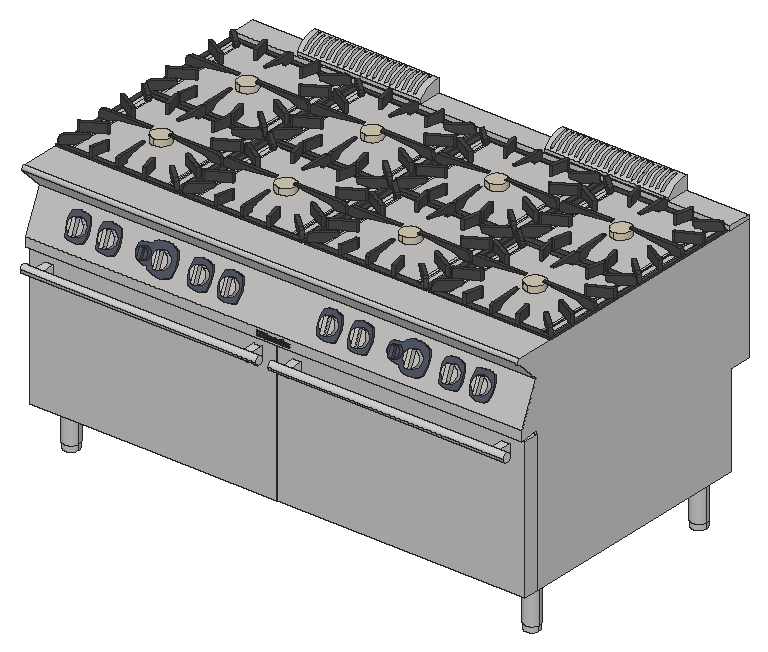
Revit family "QF_ELECTROLUXPROFESSIONAL_391584_E9AAPTBBMKI", category Attrezzature speciali, Revit 2018 (continued)
Automatic sketch dimensions
  curve 14 to plane 19 = 25.2 mm
  curve 106 to plane 13 = 58.15 mm
  curve 106 to plane 19 = 149 mm
  plane 1 "BACK" to curve 27 = 6.761 mm
  curve 106 to curve 27 = 20.698 mm
  curve 27 to curve 28 = 9.296 mm
  curve 25 to curve 72 = 9.397 mm
  curve 70 to curve 70 = 9.296 mm
  curve 69 to curve 67 = 9.397 mm
  curve 66 to curve 66 = 9.296 mm
  curve 65 to curve 63 = 9.397 mm
  curve 62 to curve 61 = 9.296 mm
  curve 61 to curve 58 = 9.397 mm
  curve 59 to curve 57 = 9.296 mm
  curve 57 to curve 55 = 9.397 mm
  curve 55 to curve 53 = 9.296 mm
  curve 53 to curve 50 = 9.397 mm
  curve 51 to curve 49 = 9.296 mm
  curve 49 to curve 47 = 9.397 mm
  curve 47 to curve 45 = 9.296 mm
  curve 45 to curve 43 = 9.397 mm
  curve 43 to curve 41 = 9.296 mm
  curve 41 to curve 39 = 9.397 mm
  curve 35 to curve 33 = 9.296 mm
  curve 33 to curve 31 = 9.397 mm
  curve 31 to curve 29 = 9.296 mm
  curve 29 to curve 103 = 9.397 mm
  curve 102 to curve 101 = 9.296 mm
  curve 101 to curve 98 = 9.397 mm
  curve 99 to curve 97 = 9.296 mm
  curve 97 to curve 95 = 9.397 mm
  curve 94 to curve 93 = 9.296 mm
  curve 93 to curve 90 = 9.397 mm
  curve 91 to curve 89 = 9.296 mm
  curve 89 to curve 86 = 9.397 mm
  curve 87 to curve 88 = 9.296 mm
  curve 85 to curve 83 = 9.397 mm
  curve 83 to curve 81 = 9.296 mm
  curve 81 to curve 79 = 9.397 mm
  curve 79 to curve 80 = 9.296 mm
  curve 77 to curve 75 = 9.397 mm
  curve 75 to curve 76 = 9.296 mm
  curve 73 to curve 105 = 14.847 mm
  plane 11 to curve 23 = 7.049 mm
  curve 23 to plane 17 = 20.2 mm
  plane 17 to curve 20 = 5.2 mm
  plane 11 to curve 21 = 7.049 mm
  plane 3 "LEFT" to curve 21 = 19.875 mm
  curve 8 to plane 3 "LEFT" = 100 mm
  curve 8 to plane 1 "BACK" = 100 mm
  plane 1 "BACK" to curve 200 = 6.761 mm
  plane 1 "BACK" to curve 166 = 6.761 mm
  plane 1 "BACK" to curve 199 = 6.761 mm
  plane 1 "BACK" to curve 168 = 6.761 mm
  plane 1 "BACK" to curve 163 = 6.761 mm
  plane 1 "BACK" to curve 195 = 6.761 mm
  plane 1 "BACK" to curve 159 = 6.761 mm
  plane 1 "BACK" to curve 191 = 6.761 mm
  plane 1 "BACK" to curve 155 = 6.761 mm
  plane 1 "BACK" to curve 187 = 6.761 mm
  plane 1 "BACK" to curve 151 = 6.761 mm
  plane 1 "BACK" to curve 29 = 6.761 mm
  plane 1 "BACK" to curve 147 = 6.761 mm
  plane 1 "BACK" to curve 33 = 6.761 mm
  plane 1 "BACK" to curve 143 = 6.761 mm
  plane 1 "BACK" to curve 37 = 6.761 mm
  plane 1 "BACK" to curve 139 = 6.761 mm
  plane 1 "BACK" to curve 41 = 6.761 mm
  plane 1 "BACK" to curve 135 = 6.761 mm
  plane 1 "BACK" to curve 45 = 6.761 mm
  plane 1 "BACK" to curve 131 = 6.761 mm
  plane 1 "BACK" to curve 49 = 6.761 mm
  plane 1 "BACK" to curve 53 = 6.761 mm
  plane 1 "BACK" to curve 172 = 6.761 mm
  plane 1 "BACK" to curve 57 = 6.761 mm
  plane 1 "BACK" to curve 176 = 6.761 mm
  plane 1 "BACK" to curve 61 = 6.761 mm
  plane 1 "BACK" to curve 180 = 6.761 mm
  plane 1 "BACK" to curve 65 = 6.761 mm
  plane 1 "BACK" to curve 69 = 6.761 mm
  plane 1 "BACK" to curve 104 = 6.761 mm
  plane 1 "BACK" to curve 73 = 6.761 mm
  plane 1 "BACK" to curve 100 = 6.761 mm
  plane 1 "BACK" to curve 77 = 6.761 mm
  plane 1 "BACK" to curve 96 = 6.761 mm
  plane 1 "BACK" to curve 81 = 6.761 mm
  plane 1 "BACK" to curve 92 = 6.761 mm
  plane 1 "BACK" to curve 85 = 6.761 mm
  curve 87 to curve 86 = 57.15 mm
  curve 86 to curve 89 = 0 mm
  curve 83 to curve 85 = 0 mm
  curve 90 to curve 93 = 0 mm
  curve 79 to curve 81 = 0 mm
  curve 94 to curve 97 = 0 mm
  curve 75 to curve 77 = 0 mm
  curve 98 to curve 101 = 0 mm
  curve 71 to curve 106 = 5.939 mm
  curve 186 to curve 185 = 57.15 mm
  curve 67 to curve 69 = 0 mm
  curve 63 to curve 65 = 0 mm
  curve 182 to curve 184 = 0 mm
  curve 59 to curve 61 = 0 mm
  curve 178 to curve 180 = 0 mm
  curve 55 to curve 57 = 0 mm
  curve 174 to curve 176 = 0 mm
  curve 51 to curve 53 = 0 mm
  curve 124 to curve 124 = 57.15 mm
  curve 47 to curve 49 = 0 mm
  curve 128 to curve 128 = 57.15 mm
  curve 43 to curve 45 = 0 mm
  curve 129 to curve 132 = 0 mm
  curve 39 to curve 41 = 0 mm
  curve 133 to curve 136 = 0 mm
  curve 35 to curve 37 = 0 mm
  curve 137 to curve 140 = 0 mm
  curve 31 to curve 33 = 0 mm
  curve 141 to curve 144 = 0 mm
  curve 70 to curve 27 = 0 mm
  curve 145 to curve 148 = 0 mm
  curve 149 to curve 152 = 0 mm
  curve 185 to curve 188 = 0 mm
  curve 153 to curve 156 = 0 mm
  curve 189 to curve 192 = 0 mm
  curve 157 to curve 160 = 0 mm
  curve 193 to curve 196 = 0 mm
  curve 161 to curve 164 = 0 mm
  curve 197 to curve 200 = 0 mm
  curve 165 to curve 168 = 0 mm
  curve 172 to curve 204 = 5.939 mm
  curve 125 to curve 205 = 5.939 mm
  curve 73 to curve 105 = 5.939 mm
  plane 11 to curve 118 = 7.049 mm
  plane 11 to curve 109 = 7.049 mm
  curve 16 to curve 18 = 1.5 mm
  curve 16 to curve 11 = 25.4 mm
  curve 113 to curve 118 = 25.4 mm
  Extrusion 1 sketch curve to plane 10 = 0 mm
  Extrusion 1 sketch curve to plane 9 "Base" = 0 mm
  Extrusion 1 sketch curve to plane 1 "BACK" = 0 mm
  Extrusion 1 sketch curve to plane 13 = 57 mm
  Extrusion 1 sketch curve to plane 14 = 50.222 mm
  Extrusion 1 sketch curve to Extrusion 1 sketch curve = 3.175 mm
  Extrusion 1 sketch curve to Extrusion 1 sketch curve = 0.442 mm
  Extrusion 1 sketch curve to plane 14 = 56.266 mm
  Extrusion 1 sketch curve to plane 11 = 14.167 mm
  Extrusion 1 sketch curve to plane 11 = 8.63 mm
  Extrusion 1 sketch curve to plane 11 = 2.528 mm
  plane 9 "Base" to Extrusion 1 sketch curve = 300 mm
  Extrusion 1 sketch curve to plane 10 = 240.721 mm
  Extrusion 1 sketch curve to Extrusion 1 sketch curve = 1.552 mm
  Extrusion 1 sketch curve to Extrusion 1 sketch curve = 31.298 mm
  Extrusion 1 sketch curve to plane 10 = 84.067 mm
  Extrusion 1 sketch curve to plane 10 = 14.732 mm
  Extrusion 1 to Extrusion 2 sketch curve = 0 mm
  Extrusion 2 sketch curve to Extrusion 1 = 0 mm  (x3)
  Extrusion 1 to Extrusion 2 sketch curve = 9.61 mm
  Extrusion 2 sketch curve to Extrusion 2 sketch curve = 0 mm
  Extrusion 1 to Extrusion 2 sketch curve = 363.774 mm
  Extrusion 1 to Extrusion 2 sketch curve = 378.321 mm
  Extrusion 2 sketch curve to Extrusion 2 sketch curve = 434.226 mm
  Extrusion 2 sketch curve to Extrusion 2 sketch curve = 4 mm
  Extrusion 3 sketch curve to Extrusion 1 = 0 mm  (x2)
  Extrusion 3 sketch curve to Extrusion 1 = 5.2 mm
  Extrusion 1 to Extrusion 3 sketch curve = 14.288 mm
  Extrusion 4 sketch curve to Extrusion 1 = 187.222 mm
  Extrusion 5 sketch curve to plane 9 "Base" = 0 mm
  Extrusion 5 sketch curve to plane 15 = 0 mm
  Extrusion 5 sketch curve to plane 11 = 30 mm
  Extrusion 5 sketch curve to Extrusion 5 sketch curve = 44.603 mm
  plane 11 to Extrusion 6 sketch curve = 0 mm  (x2)
  plane 1 "BACK" to Extrusion 6 sketch curve = 0 mm
  Extrusion 6 sketch curve to plane 3 "LEFT" = 0 mm
  Extrusion 6 sketch curve to plane 4 "RIGHT" = 0 mm
  Extrusion 6 sketch curve to plane 3 "LEFT" = 100 mm
  plane 4 "RIGHT" to Extrusion 6 sketch curve = 100 mm
  plane 11 to Extrusion 7 sketch curve = 22.852 mm
  Extrusion 7 sketch curve to Extrusion 7 sketch curve = 0 mm  (x2)
  Extrusion 7 sketch curve to Extrusion 7 sketch curve = 1.139 mm
  Extrusion 7 sketch curve to Extrusion 7 sketch curve = 3.102 mm
  Extrusion 7 sketch curve to Extrusion 7 sketch curve = 4.032 mm
  Extrusion 7 sketch curve to Extrusion 7 sketch curve = 4.436 mm
  Extrusion 7 sketch curve to Extrusion 7 sketch curve = 5.898 mm
  plane 11 to Extrusion 7 sketch curve = 8.549 mm
  Extrusion 7 sketch curve to plane 11 = 30 mm
  Extrusion 7 sketch curve to plane 10 = 298.908 mm
  Extrusion 7 sketch curve to Extrusion 7 sketch curve = 3.343 mm
  Extrusion 7 sketch curve to Extrusion 7 sketch curve = 2.066 mm
  Extrusion 7 sketch curve to Extrusion 7 sketch curve = 5.312 mm
  Extrusion 7 sketch curve to Extrusion 7 sketch curve = 28.009 mm
  plane 11 to Extrusion 8 sketch curve = 22.852 mm
  Extrusion 8 sketch curve to Extrusion 8 sketch curve = 0 mm  (x2)
  Extrusion 8 sketch curve to Extrusion 8 sketch curve = 1.139 mm
  Extrusion 8 sketch curve to Extrusion 8 sketch curve = 3.102 mm
  Extrusion 8 sketch curve to Extrusion 8 sketch curve = 4.032 mm
  Extrusion 8 sketch curve to Extrusion 8 sketch curve = 4.436 mm
  Extrusion 8 sketch curve to Extrusion 8 sketch curve = 5.898 mm
  plane 11 to Extrusion 8 sketch curve = 8.549 mm
  Extrusion 8 sketch curve to plane 11 = 30 mm
  Extrusion 8 sketch curve to plane 10 = 270.899 mm
  Extrusion 8 sketch curve to Extrusion 8 sketch curve = 2.705 mm
  Extrusion 8 sketch curve to Extrusion 8 sketch curve = 5.987 mm
  Extrusion 8 sketch curve to Extrusion 8 sketch curve = 5.313 mm
  Extrusion 8 sketch curve to Extrusion 8 sketch curve = 28.009 mm
  plane 11 to Extrusion 9 sketch curve = 19.749 mm
  Extrusion 9 sketch curve to plane 10 = 279.591 mm
  Extrusion 10 sketch curve to Extrusion 10 sketch curve = 0 mm
  Extrusion 10 sketch curve to Extrusion 10 sketch curve = 12.3 mm  (x3)
  Extrusion 10 sketch curve to Extrusion 10 sketch curve = 34.925 mm  (x2)
  Extrusion 10 sketch curve to Extrusion 10 sketch curve = 46.691 mm
  Extrusion 10 sketch curve to Extrusion 10 sketch curve = 0.617 mm
  Extrusion 10 sketch curve to Extrusion 10 sketch curve = 28.57 mm
  Extrusion 10 sketch curve to Extrusion 10 sketch curve = 29.185 mm
  Extrusion 12 sketch curve to Extrusion 12 sketch curve = 24.732 mm
  Extrusion 12 sketch curve to Extrusion 12 sketch curve = 0 mm
  Extrusion 13 sketch curve to Extrusion 13 sketch curve = 0 mm  (x4)
  Extrusion 13 sketch curve to Extrusion 13 sketch curve = 112.63 mm
  Extrusion 13 sketch curve to Extrusion 13 sketch curve = 1.398 mm
  Extrusion 13 sketch curve to Extrusion 13 sketch curve = 5.918 mm
  Extrusion 13 sketch curve to Extrusion 13 sketch curve = 7.825 mm
  Extrusion 13 sketch curve to Extrusion 13 sketch curve = 12.433 mm
  Extrusion 13 sketch curve to Extrusion 13 sketch curve = 33.329 mm
  Extrusion 13 sketch curve to Extrusion 13 sketch curve = 28.808 mm
  Extrusion 13 sketch curve to Extrusion 13 sketch curve = 2.986 mm
  Extrusion 13 sketch curve to Extrusion 13 sketch curve = 35.441 mm
  Extrusion 13 sketch curve to Extrusion 13 sketch curve = 23.969 mm
  Extrusion 13 sketch curve to Extrusion 13 sketch curve = 31.993 mm
  Extrusion 13 sketch curve to Extrusion 13 sketch curve = 0.131 mm
  Extrusion 13 sketch curve to Extrusion 13 sketch curve = 36.738 mm
  Extrusion 13 sketch curve to Extrusion 13 sketch curve = 6.105 mm
  Extrusion 13 sketch curve to Extrusion 13 sketch curve = 0.002 mm
  Extrusion 13 sketch curve to Extrusion 13 sketch curve = 38.412 mm
  Extrusion 13 sketch curve to Extrusion 13 sketch curve = 11.842 mm
  Extrusion 15 sketch curve to Extrusion 15 sketch curve = 24.732 mm
  Extrusion 15 sketch curve to Extrusion 15 sketch curve = 0 mm
  Extrusion 17 sketch curve to Extrusion 17 sketch curve = 0 mm
  Extrusion 17 sketch curve to Extrusion 17 sketch curve = 7.232 mm  (x3)
  Extrusion 17 sketch curve to Extrusion 17 sketch curve = 17.5 mm
  Extrusion 17 sketch curve to Extrusion 17 sketch curve = 5.786 mm
  Extrusion 18 sketch curve to plane 19 = 138.904 mm
  Extrusion 18 sketch curve to Extrusion 18 sketch curve = 0 mm
  Extrusion 18 sketch curve to Extrusion 18 sketch curve = 12.3 mm  (x3)
  Extrusion 18 sketch curve to Extrusion 18 sketch curve = 34.925 mm  (x2)
  Extrusion 18 sketch curve to Extrusion 18 sketch curve = 46.691 mm
  Extrusion 18 sketch curve to Extrusion 18 sketch curve = 0.617 mm
  Extrusion 18 sketch curve to Extrusion 18 sketch curve = 28.57 mm
  Extrusion 18 sketch curve to Extrusion 18 sketch curve = 29.185 mm
  Extrusion 20 sketch curve to Extrusion 20 sketch curve = 24.732 mm
  Extrusion 20 sketch curve to Extrusion 20 sketch curve = 0 mm
  Extrusion 21 sketch curve to plane 17 = 61.596 mm
  Extrusion 21 sketch curve to Extrusion 21 sketch curve = 0 mm
  Extrusion 21 sketch curve to Extrusion 21 sketch curve = 12.3 mm  (x3)
  Extrusion 21 sketch curve to Extrusion 21 sketch curve = 34.925 mm  (x2)
  Extrusion 21 sketch curve to plane 17 = 35.869 mm
  Extrusion 21 sketch curve to Extrusion 21 sketch curve = 46.691 mm
  Extrusion 21 sketch curve to Extrusion 21 sketch curve = 26.344 mm
  Extrusion 21 sketch curve to Extrusion 21 sketch curve = 28.57 mm
  Extrusion 23 sketch curve to Extrusion 23 sketch curve = 24.732 mm
  Extrusion 23 sketch curve to Extrusion 23 sketch curve = 0 mm
  Extrusion 24 sketch curve to plane 17 = 161.596 mm
  Extrusion 24 sketch curve to Extrusion 24 sketch curve = 0 mm
  Extrusion 24 sketch curve to Extrusion 24 sketch curve = 12.3 mm  (x3)
  Extrusion 24 sketch curve to Extrusion 24 sketch curve = 34.925 mm  (x2)
  Extrusion 24 sketch curve to Extrusion 24 sketch curve = 46.691 mm
  Extrusion 24 sketch curve to Extrusion 24 sketch curve = 0.617 mm
  Extrusion 24 sketch curve to Extrusion 24 sketch curve = 28.57 mm
  Extrusion 24 sketch curve to Extrusion 24 sketch curve = 29.185 mm
  Extrusion 26 sketch curve to Extrusion 26 sketch curve = 24.732 mm
  Extrusion 26 sketch curve to Extrusion 26 sketch curve = 0 mm
  Extrusion 27 sketch curve to Extrusion 1 = 43 mm
  Extrusion 27 sketch curve to Extrusion 1 = 276.222 mm
  Revolve 28 sketch curve to plane 9 "Base" = 0 mm  (x2)
  Revolve 28 sketch curve to level = 0 mm
  plane 17 to Revolve 28 sketch curve = 0 mm  (x2)
  plane 17 to Revolve 28 sketch curve = 22.9 mm
  Revolve 28 sketch curve to Revolve 28 sketch curve = 2.5 mm
  level to Revolve 28 sketch curve = 19.05 mm
  plane 9 "Base" to Revolve 28 sketch curve = 20 mm
  Revolve 29 sketch curve to plane 9 "Base" = 0 mm  (x2)
  Revolve 29 sketch curve to level = 0 mm
  plane 17 to Revolve 29 sketch curve = 0 mm  (x2)
  plane 17 to Revolve 29 sketch curve = 22.9 mm
  Revolve 29 sketch curve to Revolve 29 sketch curve = 2.5 mm
  level to Revolve 29 sketch curve = 19.05 mm
  plane 9 "Base" to Revolve 29 sketch curve = 20 mm
  Extrusion 30 sketch curve to plane 1 "BACK" = 0 mm
  Extrusion 30 sketch curve to plane 6 "TOP" = 0 mm
  plane 1 "BACK" to Extrusion 30 sketch curve = 1.769 mm
  plane 10 to Extrusion 30 sketch curve = 23.813 mm
  plane 1 "BACK" to Extrusion 30 sketch curve = 69.85 mm
  plane 10 to Extrusion 30 sketch curve = 14.288 mm
  plane 1 "BACK" to Extrusion 31 sketch curve = 63.911 mm  (x2)
  Extrusion 31 sketch curve to plane 17 = 158.847 mm
  Extrusion 31 sketch curve to Extrusion 31 sketch curve = 9.296 mm  (x20)
  Extrusion 31 sketch curve to Extrusion 31 sketch curve = 9.397 mm  (x19)
  Extrusion 31 sketch curve to Extrusion 31 sketch curve = 0 mm  (x18)
  plane 1 "BACK" to Extrusion 31 sketch curve = 6.761 mm  (x20)
  plane 11 to Extrusion 32 sketch curve = 22.852 mm
  Extrusion 32 sketch curve to Extrusion 32 sketch curve = 0 mm  (x2)
  Extrusion 32 sketch curve to Extrusion 32 sketch curve = 1.139 mm
  Extrusion 32 sketch curve to Extrusion 32 sketch curve = 3.102 mm
  Extrusion 32 sketch curve to Extrusion 32 sketch curve = 4.032 mm
  Extrusion 32 sketch curve to Extrusion 32 sketch curve = 4.436 mm
  Extrusion 32 sketch curve to Extrusion 32 sketch curve = 5.898 mm
  plane 11 to Extrusion 32 sketch curve = 8.549 mm
  Extrusion 32 sketch curve to plane 11 = 30 mm
  Extrusion 32 sketch curve to plane 10 = 270.899 mm
  Extrusion 32 sketch curve to Extrusion 32 sketch curve = 2.705 mm
  Extrusion 32 sketch curve to Extrusion 32 sketch curve = 5.987 mm
  Extrusion 32 sketch curve to Extrusion 32 sketch curve = 5.312 mm
  Extrusion 32 sketch curve to Extrusion 32 sketch curve = 28.009 mm
  plane 11 to Extrusion 33 sketch curve = 22.852 mm
  Extrusion 33 sketch curve to Extrusion 33 sketch curve = 0 mm  (x2)
  Extrusion 33 sketch curve to Extrusion 33 sketch curve = 1.139 mm
  Extrusion 33 sketch curve to Extrusion 33 sketch curve = 3.102 mm
  Extrusion 33 sketch curve to Extrusion 33 sketch curve = 4.032 mm
  Extrusion 33 sketch curve to Extrusion 33 sketch curve = 4.436 mm
  Extrusion 33 sketch curve to Extrusion 33 sketch curve = 5.898 mm
  plane 11 to Extrusion 33 sketch curve = 8.549 mm
  Extrusion 33 sketch curve to plane 11 = 30 mm
  Extrusion 33 sketch curve to plane 10 = 298.908 mm
  Extrusion 33 sketch curve to Extrusion 33 sketch curve = 3.343 mm
  Extrusion 33 sketch curve to Extrusion 33 sketch curve = 2.066 mm
  Extrusion 33 sketch curve to Extrusion 33 sketch curve = 5.313 mm
  Extrusion 33 sketch curve to Extrusion 33 sketch curve = 28.009 mm
  plane 11 to Extrusion 34 sketch curve = 19.749 mm
  Extrusion 34 sketch curve to plane 10 = 279.591 mm
  Revolve 35 sketch curve to plane 9 "Base" = 0 mm  (x2)
  Revolve 35 sketch curve to level = 0 mm
  Revolve 35 sketch curve to plane 18 = 0 mm  (x2)
  plane 18 to Revolve 35 sketch curve = 22.9 mm
  Revolve 35 sketch curve to Revolve 35 sketch curve = 2.5 mm
  plane 9 "Base" to Revolve 35 sketch curve = 20 mm
  level to Revolve 35 sketch curve = 19.05 mm
  Revolve 36 sketch curve to plane 9 "Base" = 0 mm  (x2)
  Revolve 36 sketch curve to level = 0 mm
  Revolve 36 sketch curve to plane 18 = 0 mm  (x2)
  plane 18 to Revolve 36 sketch curve = 22.9 mm
  Revolve 36 sketch curve to Revolve 36 sketch curve = 2.5 mm
  plane 9 "Base" to Revolve 36 sketch curve = 20 mm
  level to Revolve 36 sketch curve = 19.05 mm
  Extrusion 37 sketch curve to Extrusion 37 sketch curve = 0 mm
  Extrusion 37 sketch curve to Extrusion 37 sketch curve = 12.3 mm  (x3)
  Extrusion 37 sketch curve to Extrusion 37 sketch curve = 34.925 mm  (x2)
  Extrusion 37 sketch curve to Extrusion 37 sketch curve = 46.691 mm
  Extrusion 37 sketch curve to Extrusion 37 sketch curve = 0.617 mm
  Extrusion 37 sketch curve to Extrusion 37 sketch curve = 28.57 mm
  Extrusion 37 sketch curve to Extrusion 37 sketch curve = 29.185 mm
  Extrusion 39 sketch curve to Extrusion 39 sketch curve = 24.732 mm
  Extrusion 39 sketch curve to Extrusion 39 sketch curve = 0 mm
  Extrusion 40 sketch curve to Extrusion 40 sketch curve = 0 mm  (x4)
  Extrusion 40 sketch curve to Extrusion 40 sketch curve = 112.63 mm
  Extrusion 40 sketch curve to Extrusion 40 sketch curve = 1.398 mm
  Extrusion 40 sketch curve to Extrusion 40 sketch curve = 5.918 mm
  Extrusion 40 sketch curve to Extrusion 40 sketch curve = 7.825 mm
  Extrusion 40 sketch curve to Extrusion 40 sketch curve = 12.433 mm
  Extrusion 40 sketch curve to Extrusion 40 sketch curve = 33.329 mm
  Extrusion 40 sketch curve to Extrusion 40 sketch curve = 28.808 mm
  Extrusion 40 sketch curve to Extrusion 40 sketch curve = 2.986 mm
  Extrusion 40 sketch curve to Extrusion 40 sketch curve = 35.441 mm
  Extrusion 40 sketch curve to Extrusion 40 sketch curve = 23.969 mm
  Extrusion 40 sketch curve to Extrusion 40 sketch curve = 31.993 mm
  Extrusion 40 sketch curve to Extrusion 40 sketch curve = 0.131 mm
  Extrusion 40 sketch curve to Extrusion 40 sketch curve = 36.738 mm
  Extrusion 40 sketch curve to Extrusion 40 sketch curve = 6.105 mm
  Extrusion 40 sketch curve to Extrusion 40 sketch curve = 6.427 mm
  Extrusion 40 sketch curve to Extrusion 40 sketch curve = 11.842 mm
  Extrusion 42 sketch curve to Extrusion 42 sketch curve = 24.732 mm
  Extrusion 42 sketch curve to Extrusion 42 sketch curve = 0 mm
  Extrusion 44 sketch curve to Extrusion 44 sketch curve = 0 mm
  Extrusion 44 sketch curve to Extrusion 44 sketch curve = 7.232 mm  (x3)
  Extrusion 44 sketch curve to Extrusion 44 sketch curve = 17.5 mm
  Extrusion 44 sketch curve to Extrusion 44 sketch curve = 5.786 mm
  Extrusion 45 sketch curve to plane 18 = 121.317 mm
  Extrusion 45 sketch curve to Extrusion 45 sketch curve = 0 mm
  Extrusion 45 sketch curve to Extrusion 45 sketch curve = 12.3 mm  (x3)
  Extrusion 45 sketch curve to Extrusion 45 sketch curve = 34.925 mm  (x2)
  Extrusion 45 sketch curve to Extrusion 45 sketch curve = 46.691 mm
  Extrusion 45 sketch curve to Extrusion 45 sketch curve = 0.617 mm
  Extrusion 45 sketch curve to Extrusion 45 sketch curve = 28.57 mm
  Extrusion 45 sketch curve to Extrusion 45 sketch curve = 29.185 mm
  Extrusion 47 sketch curve to Extrusion 47 sketch curve = 24.732 mm
  Extrusion 47 sketch curve to Extrusion 47 sketch curve = 0 mm
  plane 7 "Center Y" to Extrusion 48 sketch curve = 130.183 mm
  Extrusion 48 sketch curve to Extrusion 48 sketch curve = 0 mm
  Extrusion 48 sketch curve to Extrusion 48 sketch curve = 12.3 mm  (x3)
  Extrusion 48 sketch curve to Extrusion 48 sketch curve = 34.925 mm  (x2)
  Extrusion 48 sketch curve to Extrusion 48 sketch curve = 46.691 mm
  Extrusion 48 sketch curve to Extrusion 48 sketch curve = 0.617 mm
  Extrusion 48 sketch curve to Extrusion 48 sketch curve = 28.57 mm
  Extrusion 48 sketch curve to Extrusion 48 sketch curve = 29.185 mm
  Extrusion 50 sketch curve to Extrusion 50 sketch curve = 24.732 mm
  Extrusion 50 sketch curve to Extrusion 50 sketch curve = 0 mm
  Extrusion 51 sketch curve to Extrusion 51 sketch curve = 0 mm
  Extrusion 51 sketch curve to Extrusion 51 sketch curve = 12.3 mm  (x3)
  Extrusion 51 sketch curve to Extrusion 51 sketch curve = 34.925 mm  (x2)
  Extrusion 51 sketch curve to Extrusion 51 sketch curve = 46.691 mm
  Extrusion 51 sketch curve to Extrusion 51 sketch curve = 0.617 mm
  Extrusion 51 sketch curve to Extrusion 51 sketch curve = 28.57 mm
  Extrusion 51 sketch curve to Extrusion 51 sketch curve = 29.185 mm
  Extrusion 53 sketch curve to Extrusion 53 sketch curve = 24.732 mm
  Extrusion 53 sketch curve to Extrusion 53 sketch curve = 0 mm
  Extrusion 54 sketch curve to plane 9 "Base" = 0 mm
  Extrusion 54 sketch curve to plane 15 = 0 mm
  Extrusion 54 sketch curve to plane 11 = 30 mm
  Extrusion 54 sketch curve to Extrusion 54 sketch curve = 44.603 mm
  Extrusion 55 sketch curve to Extrusion 1 = 3.655 mm
  Extrusion 55 sketch curve to Extrusion 1 = 8.695 mm
  Extrusion 55 sketch curve to Extrusion 1 = 8.715 mm  (x2)
  Extrusion 55 sketch curve to Extrusion 55 sketch curve = 5.108 mm  (x2)
  Extrusion 55 sketch curve to Extrusion 55 sketch curve = 0 mm  (x27)
  Extrusion 55 sketch curve to Extrusion 1 = 8.816 mm
  Extrusion 55 sketch curve to Extrusion 55 sketch curve = 0.218 mm
  Extrusion 55 sketch curve to Extrusion 55 sketch curve = 0.195 mm
  Extrusion 55 sketch curve to Extrusion 55 sketch curve = 0.249 mm
  Extrusion 55 sketch curve to Extrusion 1 = 9.012 mm
  Extrusion 55 sketch curve to Extrusion 55 sketch curve = 0.087 mm
  Extrusion 55 sketch curve to Extrusion 55 sketch curve = 0.358 mm
  Extrusion 55 sketch curve to Extrusion 55 sketch curve = 0.481 mm
  Extrusion 55 sketch curve to Extrusion 55 sketch curve = 0.597 mm
  Extrusion 55 sketch curve to Extrusion 55 sketch curve = 0.544 mm
  Extrusion 55 sketch curve to Extrusion 55 sketch curve = 0.936 mm
  Extrusion 55 sketch curve to Extrusion 55 sketch curve = 0.594 mm
  Extrusion 55 sketch curve to Extrusion 55 sketch curve = 0.343 mm
  Extrusion 55 sketch curve to Extrusion 55 sketch curve = 0.159 mm
  Extrusion 55 sketch curve to Extrusion 55 sketch curve = 0.826 mm
  Extrusion 55 sketch curve to Extrusion 55 sketch curve = 0.839 mm
  Extrusion 55 sketch curve to Extrusion 55 sketch curve = 0.852 mm
  Extrusion 55 sketch curve to Extrusion 55 sketch curve = 0.887 mm
  Extrusion 55 sketch curve to Extrusion 55 sketch curve = 0.928 mm
  Extrusion 55 sketch curve to Extrusion 55 sketch curve = 0.938 mm
  Extrusion 55 sketch curve to Extrusion 55 sketch curve = 0.444 mm
  Extrusion 55 sketch curve to Extrusion 55 sketch curve = 1.11 mm  (x3)
  Extrusion 55 sketch curve to Extrusion 55 sketch curve = 0.215 mm
  Extrusion 55 sketch curve to Extrusion 55 sketch curve = 1.43 mm
  Extrusion 55 sketch curve to Extrusion 55 sketch curve = 1.188 mm
  Extrusion 55 sketch curve to Extrusion 55 sketch curve = 1.21 mm  (x2)
  Extrusion 55 sketch curve to Extrusion 55 sketch curve = 0.503 mm
  Extrusion 55 sketch curve to Extrusion 55 sketch curve = 0.488 mm
  Extrusion 55 sketch curve to Extrusion 55 sketch curve = 0.462 mm
  Extrusion 55 sketch curve to Extrusion 55 sketch curve = 1.386 mm
  Extrusion 55 sketch curve to Extrusion 55 sketch curve = 1.742 mm  (x2)
  Extrusion 55 sketch curve to Extrusion 55 sketch curve = 0.821 mm
  Extrusion 55 sketch curve to Extrusion 55 sketch curve = 0.497 mm
  Extrusion 55 sketch curve to Extrusion 55 sketch curve = 0.539 mm
  Extrusion 55 sketch curve to Extrusion 55 sketch curve = 0.686 mm
  Extrusion 55 sketch curve to Extrusion 55 sketch curve = 0.408 mm
  Extrusion 55 sketch curve to Extrusion 55 sketch curve = 0.743 mm
  Extrusion 55 sketch curve to Extrusion 55 sketch curve = 1.16 mm
  Extrusion 55 sketch curve to Extrusion 55 sketch curve = 0.329 mm
  Extrusion 55 sketch curve to Extrusion 55 sketch curve = 1.054 mm
  Extrusion 55 sketch curve to Extrusion 55 sketch curve = 1.056 mm
  Extrusion 55 sketch curve to Extrusion 55 sketch curve = 0.129 mm
  Extrusion 55 sketch curve to Extrusion 55 sketch curve = 0.489 mm
  Extrusion 55 sketch curve to Extrusion 55 sketch curve = 0.441 mm
  Extrusion 55 sketch curve to Extrusion 55 sketch curve = 1.151 mm
  Extrusion 55 sketch curve to Extrusion 55 sketch curve = 1.141 mm  (x2)
  Extrusion 55 sketch curve to Extrusion 55 sketch curve = 0.768 mm
  Extrusion 55 sketch curve to Extrusion 55 sketch curve = 1.653 mm
  Extrusion 55 sketch curve to Extrusion 55 sketch curve = 0.499 mm
  Extrusion 55 sketch curve to Extrusion 55 sketch curve = 0.964 mm
  Extrusion 55 sketch curve to Extrusion 55 sketch curve = 0.949 mm
  Extrusion 55 sketch curve to Extrusion 55 sketch curve = 1.345 mm  (x3)
  Extrusion 55 sketch curve to Extrusion 55 sketch curve = 1.101 mm
  Extrusion 55 sketch curve to Extrusion 55 sketch curve = 0.432 mm
  Extrusion 55 sketch curve to Extrusion 55 sketch curve = 1.142 mm
  Extrusion 55 sketch curve to Extrusion 55 sketch curve = 0.959 mm
  Extrusion 55 sketch curve to Extrusion 55 sketch curve = 0.176 mm
  Extrusion 55 sketch curve to Extrusion 55 sketch curve = 0.728 mm
  Extrusion 55 sketch curve to Extrusion 55 sketch curve = 3.375 mm  (x2)
  Extrusion 55 sketch curve to Extrusion 55 sketch curve = 0.541 mm
  Extrusion 55 sketch curve to Extrusion 55 sketch curve = 0.955 mm
  Extrusion 55 sketch curve to Extrusion 55 sketch curve = 1.251 mm
  Extrusion 55 sketch curve to Extrusion 55 sketch curve = 0.572 mm
  Extrusion 55 sketch curve to Extrusion 55 sketch curve = 1.92 mm
  Extrusion 55 sketch curve to Extrusion 55 sketch curve = 1.224 mm
  Extrusion 55 sketch curve to Extrusion 55 sketch curve = 0.745 mm
  Extrusion 55 sketch curve to Extrusion 55 sketch curve = 2.537 mm
  Extrusion 55 sketch curve to Extrusion 55 sketch curve = 0.896 mm  (x3)
  Extrusion 55 sketch curve to Extrusion 55 sketch curve = 0.036 mm
  Extrusion 55 sketch curve to Extrusion 55 sketch curve = 2.607 mm
  Extrusion 55 sketch curve to Extrusion 55 sketch curve = 0.066 mm
  Extrusion 55 sketch curve to Extrusion 55 sketch curve = 0.248 mm
  Extrusion 55 sketch curve to Extrusion 55 sketch curve = 0.449 mm
  Extrusion 55 sketch curve to Extrusion 55 sketch curve = 1.052 mm
  Extrusion 55 sketch curve to Extrusion 55 sketch curve = 1.863 mm
  Extrusion 55 sketch curve to Extrusion 55 sketch curve = 1.31 mm  (x2)
  Extrusion 55 sketch curve to Extrusion 55 sketch curve = 0.901 mm
  Extrusion 55 sketch curve to Extrusion 55 sketch curve = 1.107 mm
  Extrusion 55 sketch curve to Extrusion 55 sketch curve = 2.122 mm
  Extrusion 55 sketch curve to Extrusion 55 sketch curve = 2.101 mm
  Extrusion 55 sketch curve to Extrusion 55 sketch curve = 0.106 mm
  Extrusion 55 sketch curve to Extrusion 55 sketch curve = 0.029 mm
  Extrusion 55 sketch curve to Extrusion 55 sketch curve = 2.09 mm
  Extrusion 55 sketch curve to Extrusion 55 sketch curve = 1.279 mm
  Extrusion 55 sketch curve to Extrusion 55 sketch curve = 2.008 mm
  Extrusion 55 sketch curve to Extrusion 55 sketch curve = 0.738 mm
  Extrusion 55 sketch curve to Extrusion 55 sketch curve = 0.382 mm
  Extrusion 55 sketch curve to Extrusion 55 sketch curve = 0.384 mm
  Extrusion 55 sketch curve to Extrusion 55 sketch curve = 0.002 mm
  Extrusion 55 sketch curve to Extrusion 55 sketch curve = 0.561 mm
  Extrusion 55 sketch curve to Extrusion 55 sketch curve = 0.592 mm
  Extrusion 55 sketch curve to Extrusion 55 sketch curve = 2.692 mm
  Extrusion 55 sketch curve to Extrusion 55 sketch curve = 1.259 mm
  Extrusion 55 sketch curve to Extrusion 55 sketch curve = 0.802 mm
  Extrusion 55 sketch curve to Extrusion 55 sketch curve = 1.024 mm
  Extrusion 55 sketch curve to Extrusion 55 sketch curve = 0.682 mm
  Extrusion 55 sketch curve to Extrusion 55 sketch curve = 5.934 mm
  Extrusion 55 sketch curve to Extrusion 55 sketch curve = 2.186 mm
  Extrusion 55 sketch curve to Extrusion 55 sketch curve = 0.337 mm
  Extrusion 55 sketch curve to Extrusion 55 sketch curve = 0.021 mm
  Extrusion 55 sketch curve to Extrusion 55 sketch curve = 1.005 mm
  Extrusion 55 sketch curve to Extrusion 55 sketch curve = 0.552 mm
  Extrusion 55 sketch curve to Extrusion 55 sketch curve = 0.778 mm
  Extrusion 55 sketch curve to Extrusion 55 sketch curve = 0.063 mm
  Extrusion 55 sketch curve to Extrusion 55 sketch curve = 1.023 mm
  Extrusion 55 sketch curve to Extrusion 55 sketch curve = 3.804 mm
  Extrusion 55 sketch curve to Extrusion 55 sketch curve = 0.486 mm
  Extrusion 55 sketch curve to Extrusion 55 sketch curve = 0.266 mm
  Extrusion 55 sketch curve to Extrusion 55 sketch curve = 1.547 mm
  Extrusion 55 sketch curve to Extrusion 55 sketch curve = 0.717 mm  (x2)
  Extrusion 55 sketch curve to Extrusion 55 sketch curve = 1.667 mm
  Extrusion 55 sketch curve to Extrusion 55 sketch curve = 3.174 mm
  Extrusion 55 sketch curve to Extrusion 55 sketch curve = 0.388 mm
  Extrusion 55 sketch curve to Extrusion 55 sketch curve = 1.342 mm
  Extrusion 55 sketch curve to Extrusion 55 sketch curve = 1.521 mm
  Extrusion 55 sketch curve to Extrusion 55 sketch curve = 0.124 mm
  Extrusion 55 sketch curve to Extrusion 55 sketch curve = 0.291 mm
  Extrusion 55 sketch curve to Extrusion 55 sketch curve = 1.049 mm  (x2)
  Extrusion 55 sketch curve to Extrusion 55 sketch curve = 1.7 mm
  Extrusion 55 sketch curve to Extrusion 55 sketch curve = 0.894 mm
  Extrusion 55 sketch curve to Extrusion 55 sketch curve = 0.989 mm
  Extrusion 55 sketch curve to Extrusion 55 sketch curve = 1.168 mm
  Extrusion 55 sketch curve to Extrusion 55 sketch curve = 1.594 mm
  Extrusion 55 sketch curve to Extrusion 55 sketch curve = 0.731 mm
  Extrusion 55 sketch curve to Extrusion 55 sketch curve = 1.566 mm
  Extrusion 55 sketch curve to Extrusion 55 sketch curve = 0.064 mm
  Extrusion 55 sketch curve to Extrusion 55 sketch curve = 0.556 mm  (x2)
  Extrusion 55 sketch curve to Extrusion 55 sketch curve = 0.48 mm
  Extrusion 55 sketch curve to Extrusion 55 sketch curve = 0.228 mm
  Extrusion 55 sketch curve to Extrusion 55 sketch curve = 1.018 mm
  Extrusion 55 sketch curve to Extrusion 55 sketch curve = 0.787 mm
  Extrusion 55 sketch curve to Extrusion 55 sketch curve = 0.618 mm
  Extrusion 55 sketch curve to Extrusion 55 sketch curve = 1.672 mm
  Extrusion 55 sketch curve to Extrusion 55 sketch curve = 1.361 mm
  Extrusion 55 sketch curve to Extrusion 55 sketch curve = 0.822 mm
  Extrusion 55 sketch curve to Extrusion 55 sketch curve = 0.069 mm
  Extrusion 55 sketch curve to Extrusion 55 sketch curve = 1.88 mm
  Extrusion 55 sketch curve to Extrusion 55 sketch curve = 0.42 mm
  Extrusion 55 sketch curve to Extrusion 55 sketch curve = 0.062 mm
  Extrusion 55 sketch curve to Extrusion 55 sketch curve = 1.355 mm
  Extrusion 55 sketch curve to Extrusion 55 sketch curve = 2.34 mm
  Extrusion 55 sketch curve to Extrusion 55 sketch curve = 0.493 mm
  Extrusion 55 sketch curve to Extrusion 55 sketch curve = 0.136 mm
  Extrusion 55 sketch curve to Extrusion 55 sketch curve = 0.128 mm
  Extrusion 55 sketch curve to Extrusion 55 sketch curve = 3.616 mm
  Extrusion 55 sketch curve to Extrusion 55 sketch curve = 4.207 mm
  Extrusion 55 sketch curve to Extrusion 55 sketch curve = 0.183 mm
  Extrusion 55 sketch curve to Extrusion 55 sketch curve = 0.895 mm
  Extrusion 55 sketch curve to Extrusion 55 sketch curve = 1.314 mm
  Extrusion 55 sketch curve to Extrusion 55 sketch curve = 3.231 mm
  Extrusion 55 sketch curve to Extrusion 55 sketch curve = 1.299 mm
  Extrusion 55 sketch curve to Extrusion 55 sketch curve = 1.214 mm
  Extrusion 55 sketch curve to Extrusion 55 sketch curve = 1.264 mm
  Extrusion 55 sketch curve to Extrusion 55 sketch curve = 0.109 mm
  Extrusion 55 sketch curve to Extrusion 55 sketch curve = 0.357 mm
  Extrusion 55 sketch curve to Extrusion 55 sketch curve = 0.565 mm
  Extrusion 55 sketch curve to Extrusion 55 sketch curve = 2.504 mm
  Extrusion 55 sketch curve to Extrusion 55 sketch curve = 2.459 mm
  Extrusion 1 to Extrusion 55 sketch curve = 747.488 mm
  Extrusion 55 sketch curve to Extrusion 55 sketch curve = 0.208 mm
  Extrusion 55 sketch curve to Extrusion 55 sketch curve = 0.468 mm  (x2)
  Extrusion 55 sketch curve to Extrusion 55 sketch curve = 1.559 mm
  Extrusion 55 sketch curve to Extrusion 55 sketch curve = 0.422 mm  (x2)
  Extrusion 55 sketch curve to Extrusion 55 sketch curve = 0.494 mm
  Extrusion 55 sketch curve to Extrusion 55 sketch curve = 3.927 mm
  Extrusion 55 sketch curve to Extrusion 55 sketch curve = 0.782 mm
  Extrusion 55 sketch curve to Extrusion 55 sketch curve = 1.268 mm
  Extrusion 55 sketch curve to Extrusion 55 sketch curve = 0.671 mm
  Extrusion 55 sketch curve to Extrusion 55 sketch curve = 0.777 mm
  Extrusion 55 sketch curve to Extrusion 55 sketch curve = 0.704 mm
  Extrusion 55 sketch curve to Extrusion 55 sketch curve = 0.781 mm  (x2)
  Extrusion 55 sketch curve to Extrusion 55 sketch curve = 1.634 mm
  Extrusion 55 sketch curve to Extrusion 55 sketch curve = 0.132 mm
  Extrusion 55 sketch curve to Extrusion 55 sketch curve = 3.136 mm
  Extrusion 55 sketch curve to Extrusion 55 sketch curve = 2.422 mm
  Extrusion 55 sketch curve to Extrusion 55 sketch curve = 0.586 mm
  Extrusion 55 sketch curve to Extrusion 55 sketch curve = 2.046 mm  (x2)
  Extrusion 55 sketch curve to Extrusion 55 sketch curve = 1.241 mm
  Extrusion 55 sketch curve to Extrusion 55 sketch curve = 1.689 mm
  Extrusion 55 sketch curve to Extrusion 55 sketch curve = 2.859 mm
  Extrusion 55 sketch curve to Extrusion 55 sketch curve = 0.627 mm
  Extrusion 55 sketch curve to Extrusion 55 sketch curve = 0.863 mm
  Extrusion 55 sketch curve to Extrusion 55 sketch curve = 0.419 mm
  Extrusion 55 sketch curve to Extrusion 55 sketch curve = 1.514 mm
  Extrusion 55 sketch curve to Extrusion 55 sketch curve = 1.019 mm
  Extrusion 55 sketch curve to Extrusion 55 sketch curve = 0.065 mm
  Extrusion 55 sketch curve to Extrusion 55 sketch curve = 1.215 mm
  Extrusion 55 sketch curve to Extrusion 55 sketch curve = 2.708 mm
  Extrusion 55 sketch curve to Extrusion 55 sketch curve = 1.122 mm
  Extrusion 55 sketch curve to Extrusion 55 sketch curve = 1.153 mm
  Extrusion 55 sketch curve to Extrusion 55 sketch curve = 3.009 mm
  Extrusion 55 sketch curve to Extrusion 55 sketch curve = 0.829 mm  (x2)
  Extrusion 55 sketch curve to Extrusion 55 sketch curve = 0.934 mm
  Extrusion 55 sketch curve to Extrusion 55 sketch curve = 3.376 mm
  Extrusion 55 sketch curve to Extrusion 55 sketch curve = 0.222 mm
  Extrusion 55 sketch curve to Extrusion 55 sketch curve = 1.383 mm
  Extrusion 55 sketch curve to Extrusion 55 sketch curve = 1.556 mm
  Extrusion 55 sketch curve to Extrusion 55 sketch curve = 2.559 mm
  Extrusion 55 sketch curve to Extrusion 55 sketch curve = 2.51 mm
  Extrusion 55 sketch curve to Extrusion 55 sketch curve = 0.131 mm
  Extrusion 55 sketch curve to Extrusion 55 sketch curve = 1.717 mm
  Extrusion 55 sketch curve to Extrusion 55 sketch curve = 1.134 mm
  Extrusion 55 sketch curve to Extrusion 55 sketch curve = 0.366 mm
  Extrusion 55 sketch curve to Extrusion 55 sketch curve = 0.094 mm
  Extrusion 55 sketch curve to Extrusion 55 sketch curve = 1.584 mm
  Extrusion 55 sketch curve to Extrusion 55 sketch curve = 1.501 mm
  Extrusion 55 sketch curve to Extrusion 55 sketch curve = 0.27 mm
  Extrusion 55 sketch curve to Extrusion 55 sketch curve = 1.808 mm
  Extrusion 55 sketch curve to Extrusion 55 sketch curve = 0.643 mm
  Extrusion 55 sketch curve to Extrusion 55 sketch curve = 0.916 mm
  Extrusion 55 sketch curve to Extrusion 55 sketch curve = 0.352 mm
  Extrusion 55 sketch curve to Extrusion 55 sketch curve = 0.458 mm
  Extrusion 55 sketch curve to Extrusion 55 sketch curve = 1.282 mm
  Extrusion 55 sketch curve to Extrusion 55 sketch curve = 1.363 mm
  Extrusion 55 sketch curve to Extrusion 55 sketch curve = 0.685 mm
  Extrusion 55 sketch curve to Extrusion 55 sketch curve = 0.905 mm
  Extrusion 55 sketch curve to Extrusion 55 sketch curve = 2.865 mm
  Extrusion 55 sketch curve to Extrusion 55 sketch curve = 0.472 mm
  Extrusion 55 sketch curve to Extrusion 55 sketch curve = 0.101 mm
  Extrusion 55 sketch curve to Extrusion 55 sketch curve = 0.54 mm
  Extrusion 55 sketch curve to Extrusion 55 sketch curve = 0.02 mm
  Extrusion 55 sketch curve to Extrusion 55 sketch curve = 0.582 mm
  Extrusion 55 sketch curve to Extrusion 55 sketch curve = 0.166 mm
  Extrusion 55 sketch curve to Extrusion 55 sketch curve = 0.16 mm
  Extrusion 55 sketch curve to Extrusion 55 sketch curve = 2.781 mm
  Extrusion 55 sketch curve to Extrusion 55 sketch curve = 1.118 mm
  Extrusion 55 sketch curve to Extrusion 55 sketch curve = 0.613 mm
  Extrusion 55 sketch curve to Extrusion 55 sketch curve = 0.361 mm
  Extrusion 55 sketch curve to Extrusion 55 sketch curve = 0.897 mm
  Extrusion 55 sketch curve to Extrusion 55 sketch curve = 0.167 mm
  Extrusion 55 sketch curve to Extrusion 55 sketch curve = 0.292 mm
  Extrusion 55 sketch curve to Extrusion 55 sketch curve = 0.305 mm
  Extrusion 55 sketch curve to Extrusion 55 sketch curve = 1.557 mm
  Extrusion 55 sketch curve to Extrusion 55 sketch curve = 2.499 mm
  Extrusion 55 sketch curve to Extrusion 55 sketch curve = 3.062 mm
  Extrusion 55 sketch curve to Extrusion 55 sketch curve = 2.968 mm
  Extrusion 55 sketch curve to Extrusion 55 sketch curve = 5.044 mm
  Extrusion 55 sketch curve to Extrusion 55 sketch curve = 0.629 mm  (x2)
  Extrusion 55 sketch curve to Extrusion 55 sketch curve = 1.131 mm
  Extrusion 55 sketch curve to Extrusion 55 sketch curve = 0.137 mm
  Extrusion 55 sketch curve to Extrusion 55 sketch curve = 0.027 mm
  Extrusion 55 sketch curve to Extrusion 55 sketch curve = 2.235 mm
  Extrusion 56 sketch curve to plane 1 "BACK" = 0 mm
  Extrusion 56 sketch curve to plane 6 "TOP" = 0 mm
  plane 1 "BACK" to Extrusion 56 sketch curve = 1.769 mm
  plane 10 to Extrusion 56 sketch curve = 23.813 mm
  plane 1 "BACK" to Extrusion 56 sketch curve = 69.85 mm
  plane 10 to Extrusion 56 sketch curve = 14.288 mm
  plane 1 "BACK" to Extrusion 57 sketch curve = 63.911 mm  (x2)
  Extrusion 57 sketch curve to Extrusion 57 sketch curve = 9.296 mm  (x20)
  Extrusion 57 sketch curve to Extrusion 57 sketch curve = 9.397 mm  (x19)
  Extrusion 57 sketch curve to Extrusion 57 sketch curve = 0 mm  (x18)
  plane 1 "BACK" to Extrusion 57 sketch curve = 6.761 mm  (x20)
  curve 24 to curve 206 = 200 mm
  curve 138 to curve 139 = 9.296 mm
  curve 136 to curve 133 = 9.397 mm
  Extrusion 37 sketch curve to plane 18 = 218.817 mm
  Extrusion 40 sketch curve to plane 18 = 343.054 mm
  Extrusion 40 sketch curve to Extrusion 40 sketch curve = 30.968 mm
  Extrusion 40 sketch curve to Extrusion 40 sketch curve = 0.002 mm
  Extrusion 40 sketch curve to Extrusion 40 sketch curve = 38.412 mm
  Extrusion 40 sketch curve to Extrusion 40 sketch curve = 39.831 mm
  plane 7 "Center Y" to Extrusion 51 sketch curve = 230.183 mm
  plane 7 "Center Y" to Extrusion 57 sketch curve = 214.847 mm
  curve 39 to curve 37 = 9.296 mm
  curve 37 to curve 34 = 9.397 mm
  Extrusion 10 sketch curve to plane 19 = 236.404 mm
  Extrusion 13 sketch curve to plane 17 = 332.359 mm
  Extrusion 13 sketch curve to Extrusion 13 sketch curve = 30.968 mm
  Extrusion 13 sketch curve to Extrusion 13 sketch curve = 39.831 mm
  Extrusion 13 sketch curve to Extrusion 13 sketch curve = 6.427 mm
  radius of Extrusion 4 sketch curve = 6.4 mm  (x2)
  radius of Extrusion 9 sketch curve = 12.7 mm
  radius of Extrusion 11 sketch curve = 25.4 mm
  radius of Extrusion 12 sketch curve to Extrusion 11 = 0 mm  (x2)
  radius of Extrusion 14 sketch curve = 25.4 mm
  radius of Extrusion 15 sketch curve to Extrusion 14 = 0 mm  (x2)
  radius of Extrusion 16 sketch curve = 18.37 mm
  radius of Extrusion 19 sketch curve = 25.4 mm
  radius of Extrusion 20 sketch curve to Extrusion 19 = 0 mm  (x2)
  radius of Extrusion 22 sketch curve = 25.4 mm
  radius of Extrusion 23 sketch curve to Extrusion 22 = 0 mm  (x2)
  radius of Extrusion 25 sketch curve = 25.4 mm
  radius of Extrusion 26 sketch curve to Extrusion 25 = 0 mm  (x2)
  radius of Extrusion 27 sketch curve = 12.7 mm
  radius of Extrusion 34 sketch curve = 12.7 mm
  radius of Extrusion 38 sketch curve = 25.4 mm
  radius of Extrusion 39 sketch curve to Extrusion 38 = 0 mm  (x2)
  radius of Extrusion 41 sketch curve = 25.4 mm
  radius of Extrusion 42 sketch curve to Extrusion 41 = 0 mm  (x2)
  radius of Extrusion 43 sketch curve = 18.37 mm
  radius of Extrusion 46 sketch curve = 25.4 mm
  radius of Extrusion 47 sketch curve to Extrusion 46 = 0 mm  (x2)
  radius of Extrusion 49 sketch curve = 25.4 mm
  radius of Extrusion 50 sketch curve to Extrusion 49 = 0 mm  (x2)
  radius of Extrusion 52 sketch curve = 25.4 mm
  radius of Extrusion 53 sketch curve to Extrusion 52 = 0 mm  (x2)
Nested families
  nested 1: "371009_BURNER" at (0, -440.6, 0), type "371009_BURNER"
    with Type Mark "", Status "", Specification by User "", Revision Code "", Item Number "", Installed By "", Identify Quantity as Lot yes, Furnished By "", Foodservice Equipment Identifier yes
  nested 2: "371009_BURNER" at (403.15, -440.6, 0), type "371009_BURNER"
    with Type Mark "", Status "", Specification by User "", Revision Code "", Item Number "", Installed By "", Identify Quantity as Lot yes, Furnished By "", Foodservice Equipment Identifier yes
  nested 3: "371009_BURNER" at (1198.75, -440.6, 0) x (-1, 0, 0) z (0, 0, 1), type "371009_BURNER"
    with Type Mark "", Status "", Specification by User "", Revision Code "", Item Number "", Installed By "", Identify Quantity as Lot yes, Furnished By "", Foodservice Equipment Identifier yes
  nested 4: "371009_BURNER" at (0, -440.6, 0), type "371009_BURNER"
    with Type Mark "", Status "", Specification by User "", Revision Code "", Item Number "", Installed By "", Identify Quantity as Lot yes, Furnished By "", Foodservice Equipment Identifier yes
  nested 5: "371009_BURNER" at (403.15, -440.6, 0), type "371009_BURNER"
    with Type Mark "", Status "", Specification by User "", Revision Code "", Item Number "", Installed By "", Identify Quantity as Lot yes, Furnished By "", Foodservice Equipment Identifier yes
  nested 6: "371009_BURNER" at (1198.75, -440.6, 0) x (-1, 0, 0) z (0, 0, 1), type "371009_BURNER"
    with Type Mark "", Status "", Specification by User "", Revision Code "", Item Number "", Installed By "", Identify Quantity as Lot yes, Furnished By "", Foodservice Equipment Identifier yes
  nested 7: "371009_BURNER" at (1600, -440.6, 0) x (-1, 0, 0) z (0, 0, 1), type "371009_BURNER"
    with Type Mark "", Status "", Specification by User "", Revision Code "", Item Number "", Installed By "", Identify Quantity as Lot yes, Furnished By "", Foodservice Equipment Identifier yes
  nested 8: "371009_BURNER" at (1600, -440.6, 0) x (-1, 0, 0) z (0, 0, 1), type "371009_BURNER"
    with Type Mark "", Status "", Specification by User "", Revision Code "", Item Number "", Installed By "", Identify Quantity as Lot yes, Furnished By "", Foodservice Equipment Identifier yes
Connectors
  piping at (1549, -665, 128), diameter 12.8
    settings: on Extrusion 4, index 2, connector inside diameter 0.50394", connector length 0 mm, flow factor 0, pipe flow 0 GPM, pressure drop 0.00 psi, fitting loss kfactor 0, connector angle 0.00°, fixture units 0, engagement length 0 mm, angle of deflection 0.00°, flow configuration 1, flow direction 1, fitting loss method 0, system type 7, joint type 0, gender type 0, connector reference index -1, connector utility 0, adjustable connector no, is connector primary yes, connector description "GAS CONNECTION"
  piping at (749, -665, 128), diameter 12.8
    settings: on Extrusion 4, index 3, connector inside diameter 0.50394", connector length 0 mm, flow factor 0, pipe flow 0 GPM, pressure drop 0.00 psi, fitting loss kfactor 0, connector angle 0.00°, fixture units 0, engagement length 0 mm, angle of deflection 0.00°, flow configuration 1, flow direction 1, fitting loss method 0, system type 7, joint type 0, gender type 0, connector reference index -1, connector utility 0, adjustable connector no, is connector primary no, connector description "GAS CONNECTION"
Definition of nested family "371009_BURNER"
  Parameters
    Weight in Pounds = 0
    URL Cutsheet = ""
    URL = "www.electrolux.com"
    Type Mark [instance] = ""
    Status [instance] = ""
    Specification by User [instance] = ""
    Specification by Manufacturer = ""
    Show Clearance [instance] = yes
    Serial Number = ""
    Seismic Rating = ""
    SMACNA No = ""
    Revision Code [instance] = ""
    Omniclass Number and Title = ""
    NAFEM Spec ID Number = ""
    Model = "371009"
    Masterspec = ""
    Manufacturer = "ELECTROLUX"
    Item Number [instance] = ""
    Installed By [instance] = ""
    Identify Quantity as Lot [instance] = yes
    Furnished By [instance] = ""
    Foodservice Equipment Identifier [instance] = yes
    Description = ""
    CSI MasterFormat = ""
    CSI Master Format = ""
  Reference planes
    plane 1 "BACK": y = 0
    plane 2: z = 0
    plane 3 "LEFT": x = 0
    plane 4 "RIGHT": x = 393.7
    plane 5 "FRONT": y = -355.6
    plane 6 "TOP": z = 908.85
    plane 7 "Center Y": x = 196.85
    plane 8 "Center X": y = -177.8
    plane 9 "Base": z = 150
    plane 10: z = 850.85
  Forms (mm)
    Extrusion 1, solid
      sketch origin (-6.433, -404.961, 5) x (1, 0, 0) y (0, 0, -1)
        loop
          arc (7.142, -850.85) -> (6.739, -862.989) -> (9.761, -874.752) r 42.809
          line (9.761, -874.752) -> (19.961, -879.425) -> (173.122, -879.425)
          arc (173.122, -879.425) -> (174.316, -878.312) -> (173.289, -877.043) r 1.197
          line (173.289, -877.043) -> (64.848, -864.021)
          arc (64.848, -864.021) -> (50.111, -858.738) -> (36.589, -850.85) r 85.245
          line (36.589, -850.85) -> (7.142, -850.85)
        loop
          line (399.424, -850.85) -> (369.977, -850.85)
          arc (369.977, -850.85) -> (356.455, -858.738) -> (341.718, -864.021) r 85.245
          line (341.718, -864.021) -> (233.277, -877.043)
          arc (233.277, -877.043) -> (232.25, -878.312) -> (233.444, -879.425) r 1.197
          line (233.444, -879.425) -> (386.605, -879.425) -> (396.806, -874.752)
          arc (396.806, -874.752) -> (399.827, -862.989) -> (399.424, -850.85) r 42.809
      from 224.564 to 234.564
    Extrusion 2, solid
      sketch origin (196.85, 175.397, 1219.2) x (0, 1, 0) y (0, 0, 1)
        loop
          line (-204.463, -363.35) -> (-175.397, -363.35) -> (-175.397, -339.506)
          arc (-175.397, -339.506) -> (-181.025, -338.266) -> (-185.611, -334.775) r 13.39
          line (-185.611, -334.775) -> (-278.903, -334.775)
          arc (-278.903, -334.775) -> (-280.097, -335.888) -> (-279.07, -337.157) r 1.197
          line (-279.07, -337.157) -> (-227.151, -347.464)
          arc (-227.151, -347.464) -> (-213.741, -352.457) -> (-204.463, -363.35) r 28.426
        loop
          arc (-496.332, -363.35) -> (-487.053, -352.457) -> (-473.644, -347.464) r 28.426
          line (-473.644, -347.464) -> (-421.725, -337.157)
          arc (-421.725, -337.157) -> (-420.697, -335.888) -> (-421.891, -334.775) r 1.197
          line (-421.891, -334.775) -> (-515.184, -334.775)
          arc (-515.184, -334.775) -> (-519.769, -338.266) -> (-525.397, -339.506) r 13.39
          line (-525.397, -339.506) -> (-525.397, -363.35) -> (-496.332, -363.35)
      from -5 to 5
    Extrusion 3, solid
      sketch origin (-6.433, 367.064, 850.85) x (0, -1, 0) y (1, 0, 0)
        loop
          line (722.664, 6.433) -> (722.664, 400.133) -> (367.064, 400.133) -> (367.064, 6.433) -> (722.664, 6.433)
        loop
          line (382.064, 21.433) -> (707.664, 21.433) -> (707.664, 385.133) -> (382.064, 385.133) -> (382.064, 21.433)
      from 0 to 5
    Extrusion 4, solid
      sketch origin (-18.933, 367.064, 855.85) x (0, -1, 0) y (1, 0, 0)
        loop
          circle (541.667, 215.783) r 30
      from -1.321 to 17.134
    Extrusion 5, solid
      sketch origin (-6.433, -367.064, 0) x (1, 0, 0) y (0, 0, -1)
        loop
          line (21.433, -855.85) -> (36.589, -855.85)
          arc (36.589, -855.85) -> (40.561, -855.243) -> (44.305, -853.783) r 18.259
          arc (44.305, -853.783) -> (45.997, -853.366) -> (47.69, -853.783) r 3.649
          arc (47.69, -853.783) -> (49.901, -854.522) -> (52.232, -854.529) r 7.328
          line (52.232, -854.529) -> (354.334, -854.529)
          arc (354.334, -854.529) -> (356.666, -854.522) -> (358.877, -853.783) r 7.328
          arc (358.877, -853.783) -> (360.569, -853.366) -> (362.261, -853.783) r 3.649
          arc (362.261, -853.783) -> (366.005, -855.243) -> (369.977, -855.85) r 18.259
          line (369.977, -855.85) -> (385.133, -855.85) -> (385.133, -850.85) -> (21.433, -850.85) -> (21.433, -855.85)
      from 26.464 to 352.064
    Extrusion 6, solid
      sketch origin (83.284, -458.334, 5) x (0.742103, 0.670286, 0) y (0, 0, -1)
        loop
          arc (88.629, -864.012) -> (73.909, -858.731) -> (60.402, -850.85) r 85.245
          line (60.402, -850.85) -> (14.993, -850.85)
          arc (14.993, -850.85) -> (14.642, -862.948) -> (17.686, -874.663) r 42.876
          line (17.686, -874.663) -> (27.899, -879.425) -> (89.664, -879.425)
          arc (89.664, -879.425) -> (92.39, -878.352) -> (93.654, -875.709) r 4
          arc (93.654, -875.709) -> (92.562, -869.25) -> (88.629, -864.012) r 13.87
        loop
          arc (457.638, -864.012) -> (453.704, -869.25) -> (452.613, -875.709) r 13.87
          arc (452.613, -875.709) -> (453.876, -878.352) -> (456.603, -879.425) r 4
          line (456.603, -879.425) -> (518.367, -879.425) -> (528.581, -874.663)
          arc (528.581, -874.663) -> (531.624, -862.948) -> (531.273, -850.85) r 42.876
          line (531.273, -850.85) -> (485.865, -850.85)
          arc (485.865, -850.85) -> (472.357, -858.731) -> (457.638, -864.012) r 85.245
      from 127.064 to 137.064
    Extrusion 7, solid
      sketch origin (310.416, -458.334, 5) x (-0.742103, 0.670286, 0) y (0, 0, 1)
        loop
          arc (88.629, 864.012) -> (92.562, 869.25) -> (93.654, 875.709) r 13.87
          arc (93.654, 875.709) -> (92.39, 878.352) -> (89.664, 879.425) r 4
          line (89.664, 879.425) -> (27.899, 879.425) -> (17.686, 874.663)
          arc (17.686, 874.663) -> (14.642, 862.948) -> (14.993, 850.85) r 42.876
          line (14.993, 850.85) -> (60.402, 850.85)
          arc (60.402, 850.85) -> (73.909, 858.731) -> (88.629, 864.012) r 85.245
        loop
          arc (457.638, 864.012) -> (472.357, 858.731) -> (485.865, 850.85) r 85.245
          line (485.865, 850.85) -> (531.273, 850.85)
          arc (531.273, 850.85) -> (531.624, 862.948) -> (528.581, 874.663) r 42.876
          line (528.581, 874.663) -> (518.367, 879.425) -> (456.603, 879.425)
          arc (456.603, 879.425) -> (453.876, 878.352) -> (452.613, 875.709) r 4
          arc (452.613, 875.709) -> (453.704, 869.25) -> (457.638, 864.012) r 13.87
      from 127.064 to 137.064
    Extrusion 8, solid
      sketch origin (-6.433, 367.064, 855.85) x (0, -1, 0) y (1, 0, 0)
        loop
          arc (626.166, 9.428) -> (632.956, 7.454) -> (634.93, 14.244) r 5
          line (634.93, 14.244) -> (600.514, 76.878)
          arc (600.514, 76.878) -> (593.724, 78.852) -> (591.75, 72.062) r 5
          line (591.75, 72.062) -> (626.166, 9.428)
        loop
          line (463.562, 9.428) -> (497.977, 72.062)
          arc (497.977, 72.062) -> (496.003, 78.852) -> (489.213, 76.878) r 5
          line (489.213, 76.878) -> (454.798, 14.244)
          arc (454.798, 14.244) -> (456.772, 7.454) -> (463.562, 9.428) r 5
        loop
          line (626.166, 397.138) -> (591.75, 334.504)
          arc (591.75, 334.504) -> (593.724, 327.714) -> (600.514, 329.689) r 5
          line (600.514, 329.689) -> (634.93, 392.323)
          arc (634.93, 392.323) -> (632.956, 399.113) -> (626.166, 397.138) r 5
        loop
          arc (463.562, 397.138) -> (456.772, 399.113) -> (454.798, 392.323) r 5
          line (454.798, 392.323) -> (489.213, 329.689)
          arc (489.213, 329.689) -> (496.003, 327.714) -> (497.977, 334.504) r 5
          line (497.977, 334.504) -> (463.562, 397.138)
        loop
          line (715.14, 293.499) -> (666.703, 282.317)
          arc (666.703, 282.317) -> (662.956, 276.32) -> (668.953, 272.573) r 5
          line (668.953, 272.573) -> (717.389, 283.756)
          arc (717.389, 283.756) -> (721.136, 289.752) -> (715.14, 293.499) r 5
        loop
          arc (715.14, 113.067) -> (721.136, 116.814) -> (717.389, 122.811) r 5
          line (717.389, 122.811) -> (668.953, 133.993)
          arc (668.953, 133.993) -> (662.956, 130.246) -> (666.703, 124.249) r 5
          line (666.703, 124.249) -> (715.14, 113.067)
        loop
          arc (374.588, 293.499) -> (368.591, 289.752) -> (372.338, 283.756) r 5
          line (372.338, 283.756) -> (420.775, 272.573)
          arc (420.775, 272.573) -> (426.771, 276.32) -> (423.024, 282.317) r 5
          line (423.024, 282.317) -> (374.588, 293.499)
        loop
          line (374.588, 113.067) -> (423.024, 124.249)
          arc (423.024, 124.249) -> (426.771, 130.246) -> (420.775, 133.993) r 5
          line (420.775, 133.993) -> (372.338, 122.811)
          arc (372.338, 122.811) -> (368.591, 116.814) -> (374.588, 113.067) r 5
      from 0 to 28.575
  Lines and regions (mm)
    symbolic lines
      curve 1: line (0, -355.6, 150) -> (393.7, -355.6, 150)
      curve 2: line (0, 0, 150) -> (0, -355.6, 150)
      curve 3: line (393.7, -355.6, 150) -> (393.7, 0, 150)
      curve 4: line (369.633, -15, 150) -> (285.34, -15, 150)
      curve 5: line (24.067, -340.6, 150) -> (108.36, -340.6, 150)
      curve 6: line (157.475, -170.397, 150) -> (157.475, -15, 150)
      curve 7: line (236.225, -170.397, 150) -> (236.225, -15, 150)
      curve 8: line (201.85, -350, 150) -> (201.85, -176.674, 150)
      curve 9: line (0, -180.397, 150) -> (167.224, -180.397, 150)
      curve 10: line (393.7, -170.397, 150) -> (228.275, -170.397, 150)
      curve 11: line (15, -180.397, 150) -> (15, -252.506, 150)
      curve 12: line (45.799, -340.6, 150) -> (45.799, -320.971, 150)
      curve 13: line (167.224, -170.397, 150) -> (0, -170.397, 150)
      curve 14: line (228.275, -180.504, 150) -> (393.7, -180.504, 150)
      curve 15: arc (228.275, -170.397, 150) -> (223.221, -175.45, 150) -> (228.275, -180.504, 150) r 5.054
      curve 16: arc (167.224, -170.397, 150) -> (172.224, -175.397, 150) -> (167.224, -180.397, 150) r 5
      curve 17: line (191.85, -176.674, 150) -> (191.85, -350, 150)
      curve 18: line (201.85, -134.556, 150) -> (201.85, -0.794, 150)
      curve 19: arc (201.85, -176.674, 150) -> (196.85, -171.674, 150) -> (191.85, -176.674, 150) r 5
      curve 20: arc (201.85, -134.556, 150) -> (196.85, -139.556, 150) -> (191.85, -134.556, 150) r 5
      curve 21: line (191.85, -15, 150) -> (118.623, -15, 150)
      curve 22: arc (201.85, -29.042, 150) -> (213.272, -50.008, 150) -> (201.85, -70.973, 150) r 24.953
      curve 23: arc (213.086, -53.048, 150) -> (214.5, -50.008, 150) -> (213.086, -46.967, 150) r 3.975
      curve 24: arc (191.85, -29.852, 150) -> (181.339, -50.008, 150) -> (191.85, -70.163, 150) r 24.58
